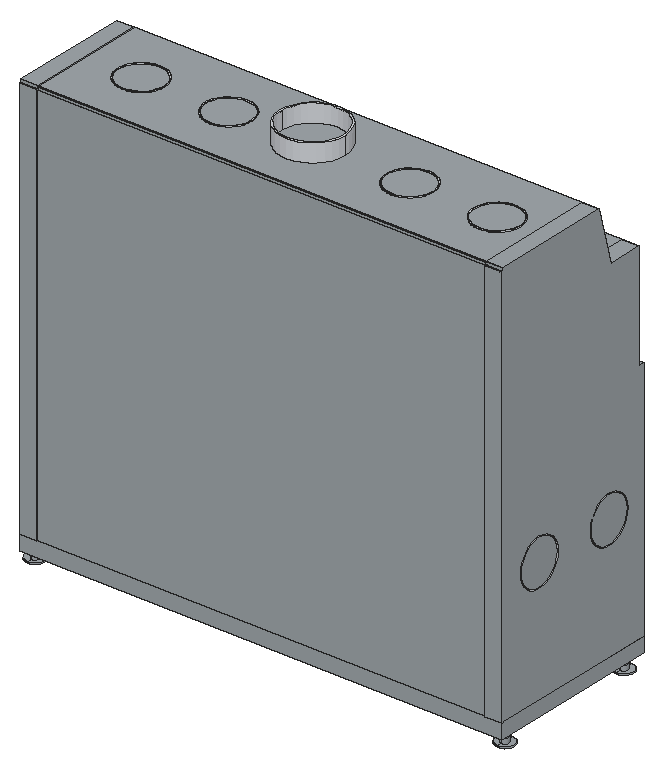
Revit family "METALFIRE_AVENUE_L_MF_1300-75_GHE_1S", category Mechanical Equipment, host Wall, Revit 2018
Family settings
  Host = Wall
  Round Connector Dimension = Use Diameter
  Part Type = Normal
  OmniClass Number = 23.75.00.00
  OmniClass Title = Climate Control (HVAC)
  Always vertical = Yes
  Cut with Voids When Loaded = No
  Shared = No
  Room Calculation Point = No
Parameters (values of type "L-MF_1300-750_GHE_1S")
  WIDTH = 1330 mm
  WEIGHT = 180.00 kg
  URL = "https://www.metalfire.eu"
  TECHNICAL SHEET = "https://www.metalfire.eu/sites/default/files/media-files/AVENUE%20L%20MF%201300-75%20GHE%201S.pdf"
  SMOKE EXHAUST = "Ø130/200 mm"
  PRODUCT SHEET = "https://www.archiproducts.com/it/prodotti/metalfire/caminetto-a-gas-chiuso-avenue-large_508485"
  PRODUCT CODE = "L MF 1300-750 GHE 1S"
  PIPE = 200 mm
  OVERALL WIDTH = 1178 mm
  OVERALL HEIGHT = 1120 mm
  OVERALL DEPTH = 444 mm
  OUTPUT = 11400 W
  Model = "Avenue"
  Manufacturer = "METALFIRE"
  MATERIAL DESCRIPTION = "Iron, galvanized steel"
  HEIGHT = 740 mm
  FRAME MATERIAL = Iron - Metalfire
  FINISHING MATERIAL = Painted steel, cast iron
  ENERGY EFFICIENCY CLASS = "B"
  Description = "The Avenue represents the gas-fired high efficiency closed fireplaces in the Metalfire range."
  BIM USER MANUAL = "https://bimcad.edilportale.com/METALFIRE-BIM-USER-MANUAL-Metalfire-bim.pdf"
  BIM BADGE = "https://bim.archiproducts.com/en/badge/bim-archiproducts-featured_658700/about"
  BIM AUTHOR = "https://bim.archiproducts.com"
Reference planes
  plane 1 "Wall": y = 0
  plane 2 "Center (Left/Right)": x = 0
  plane 3 "Back": y = 300
Forms (mm)
  Extrusion 1, void
    sketch origin (0, 300, 0) x (1, 0, 0) y (0, 0, 1)
      loop
        line (708.5, 111) -> (708.5, 871) -> (-717.5, 871) -> (-717.5, 111) -> (708.5, 111)
    from 0 to 518
Text (mm)
  text "Placement side" at (-1820.995, 1116.779, 0), in view "Ref. Level"
  text "Placement side" at (0, 1334.055, 2976.191), in view "Left"
  text "Placement side" at (0, 439.194, 2944.362), in view "Right"
Dimensions and locks
  locked: plane 3 "Back" to host wall
  aligned and locked: plane 1 "Wall" to host wall
  aligned and locked: nested 1 to plane 2 "Center (Left/Right)"
  aligned and locked: Extrusion 1 to plane 3 "Back"
Nested families
  nested 1: "FIREPLACE" at (0, 230, 0) x (-1, 0, 0) z (0, 0, 1), Body material <- "FRAME MATERIAL", External material <- "FINISHING MATERIAL", type "FIREPLACE"
    with External material Painted steel, cast iron, Clear glass Clear Glass - Metalfire, Body material Iron - Metalfire
Connectors
  piping at (0, -73.083, 1080), diameter 200
    settings: on nested 1, index 1, connector inside diameter 609.6 mm, connector length 0 mm, flow factor 0, pipe flow 0.0 L/s, pressure drop 0.0 Pa, fitting loss kfactor 0, connector angle 0.00°, fixture units 0, engagement length 0 mm, angle of deflection 0.00°, flow configuration 0, flow direction 2, fitting loss method 0, system type 17, joint type 0, gender type 0, connector reference index -1, connector utility 0, adjustable connector no, is connector primary yes, connector description ""
Definition of nested family "FIREPLACE"
  Parameters (values of type "FIREPLACE")
    PIPE = 200 mm
    LENGTH = 1545 mm
    HEIGHT = 1383.8 mm
    External material [instance] = none
    Clear glass [instance] = none
    Body material [instance] = none
  Reference planes
    plane 1 "Center (Front/Back)": y = 0
    plane 2: z = 0
    plane 3 "Center (Left/Right)": x = 0
    plane 4 "SX": x = -772.5
    plane 5 "DX": x = 772.5
    plane 6: z = 1383.8
    plane 7 "FEET-SX": x = -753
    plane 8 "FEET-DX": x = 753
  Forms (mm)
    Revolve 1, solid, material <- "Body material", detail levels fine
      sketch origin (-753, 0, 0) x (0, 0, 1) y (0, -1, 0)
        loop
          line (0, 0) -> (0, -30) -> (3, -30) -> (3, -12) -> (16, -12) -> (16, -8) -> (78, -8) -> (78, 0) -> (0, 0)
        axis (78, 0) -> (0, 0)
      angle from 0 to 360
    Revolve 2, solid, material <- "Body material", detail levels fine
      sketch origin (-753, 0, 0) x (0, 0, 1) y (0, -1, 0)
        loop
          line (0, -478) -> (0, -508) -> (3, -508) -> (3, -490) -> (16, -490) -> (16, -486) -> (78, -486) -> (78, -478) -> (0, -478)
        axis (78, -478) -> (0, -478)
      angle from 0 to 360
    Revolve 3, solid, material <- "Body material", detail levels fine
      sketch origin (753, 0, 0) x (0, 0, 1) y (0, -1, 0)
        loop
          line (0, 0) -> (0, -30) -> (3, -30) -> (3, -12) -> (16, -12) -> (16, -8) -> (78, -8) -> (78, 0) -> (0, 0)
        axis (78, 0) -> (0, 0)
      angle from 0 to 360
    Revolve 4, solid, material <- "Body material", detail levels fine
      sketch origin (753, 0, 0) x (0, 0, 1) y (0, -1, 0)
        loop
          line (0, -478) -> (0, -508) -> (3, -508) -> (3, -490) -> (16, -490) -> (16, -486) -> (78, -486) -> (78, -478) -> (0, -478)
        axis (78, -478) -> (0, -478)
      angle from 0 to 360
    Extrusion 5, solid, material <- "Body material", detail levels fine
      sketch origin (0, 0, 0) x (1, 0, 0) y (0, 0, 1)
        loop
          line (-772.5, 30.8) -> (772.5, 30.8) -> (772.5, 78) -> (-772.5, 78) -> (-772.5, 30.8)
      from 53 to -514
    Extrusion 6, solid, material <- "External material", detail levels medium+fine
      sketch origin (-1538.26, 0, 0) x (1, 0, 0) y (0, 0, 1)
        loop
          line (836.536, 114.8) -> (2230.536, 114.8) -> (2230.536, 864.8) -> (836.536, 864.8) -> (836.536, 114.8)
        loop
          line (826.536, 874.8) -> (826.536, 104.8) -> (2240.536, 104.8) -> (2240.536, 874.8) -> (826.536, 874.8)
      from 0 to -448
    Extrusion 7, solid, material <- "Body material", detail levels fine
      sketch origin (772.5, 0, 0) x (0, -1, 0) y (0, 0, 1)
        loop
          line (-126.133, 1383.8) -> (-512, 1383.8) -> (-512, 1374.5) -> (-512, 1373.5) -> (-513, 1373.5) -> (-514, 1373.5) -> (-514, 78) -> (-513, 78) -> (-511, 78) -> (35, 78) -> (53, 78) -> (53, 863.5) -> (34.1, 863.5) -> (34.1, 1207.5) -> (-78.894, 1207.5) -> (-126.133, 1383.8)
      from 0 to 55
    Extrusion 8, solid, material <- "Clear glass", detail levels medium+fine
      sketch origin (0, 0, 0) x (1, 0, 0) y (0, 0, 1)
        loop
          line (-708.5, 114.8) -> (708.5, 114.8) -> (708.5, 846) -> (-708.5, 846) -> (-708.5, 114.8)
      from 49.043 to 53
    Extrusion 9, solid, material <- "External material", detail levels medium+fine
      sketch origin (0, 0, 0) x (1, 0, 0) y (0, 0, 1)
        loop
          line (-708.5, 121) -> (708.5, 121) -> (708.5, 861) -> (-708.5, 861) -> (-708.5, 121)
      from -448 to -438
    Extrusion 10, solid, material <- "Body material", detail levels fine
      sketch origin (-772.5, 0, 0) x (0, -1, 0) y (0, 0, 1)
        loop
          line (-126.133, 1383.8) -> (-512, 1383.8) -> (-512, 1374.5) -> (-512, 1373.5) -> (-513, 1373.5) -> (-514, 1373.5) -> (-514, 78) -> (-513, 78) -> (-511, 78) -> (35, 78) -> (53, 78) -> (53, 863.5) -> (34.1, 863.5) -> (34.1, 1207.5) -> (-78.894, 1207.5) -> (-126.133, 1383.8)
      from 0 to -55
    Extrusion 11, solid, material <- "Body material", detail levels fine
      sketch origin (-717.5, 0, 0) x (0, 1, 0) y (0, 0, 1)
        loop
          line (126.133, 1383.8) -> (78.894, 1207.5) -> (-34.1, 1207.5) -> (-34.1, 863.5) -> (-53, 863.5) -> (-53, 78) -> (-35, 78) -> (511, 78) -> (513, 78) -> (514, 78) -> (514, 1373.5) -> (513, 1373.5) -> (512, 1373.5) -> (512, 1382.8) -> (512, 1383.8) -> (126.133, 1383.8)
      from 1435 to -55
    Extrusion 12, void
      sketch origin (0, 0, 0) x (1, 0, 0) y (0, 0, 1)
        loop
          line (-713.066, 846) -> (-713.066, 114.8) -> (689.277, 114.8) -> (689.277, 846) -> (-713.066, 846)
      from -438 to 250
    Extrusion 13, solid
      sketch origin (-717.5, 128.357, 1383.8) x (0, 1, 0) y (-1, 0, 0)
        loop
          circle (188.604, -118) r 75
        loop
          circle (188.604, -118) r 73
        loop
          circle (188.604, -398) r 75
        loop
          circle (188.604, -398) r 73
        loop
          circle (188.604, -979.5) r 75
        loop
          circle (188.604, -979.5) r 73
        loop
          circle (188.604, -1259.5) r 75
        loop
          circle (188.604, -1259.5) r 73
      from 0 to 1
    Extrusion 14, solid
      sketch origin (-764.5, 128.357, 1383.8) x (0, 1, 0) y (-1, 0, 0)
        loop
          circle (178.845, -764.5) r 105
        loop
          circle (178.845, -764.5) r 100
      from 0 to 57
    Extrusion 15, solid
      sketch origin (-772.5, 0, 0) x (0, -1, 0) y (0, 0, 1)
        loop
          circle (-366.232, 475.8) r 74.5
        loop
          circle (-86.232, 475.8) r 74.5
        loop
          circle (-366.232, 475.8) r 73.5
        loop
          circle (-86.232, 475.8) r 73.5
      from 0 to 1
  Cuts and joins
    joined: Revolve 1, Revolve 2, Revolve 3, Revolve 4
    joined: Extrusion 6, Extrusion 9
    Extrusion 12 cuts Extrusion 11
  Dimensions and locks
    equal spacing: plane 4 "SX", plane 3 "Center (Left/Right)", plane 5 "DX"
    "LENGTH": plane 4 "SX" to plane 5 "DX"
    "HEIGHT": plane 6 to level
    locked: plane 4 "SX" to plane 7 "FEET-SX" at 19.5
    locked: plane 8 "FEET-DX" to plane 5 "DX" at 19.5
    aligned and locked: level to plane 2
    aligned and locked: Extrusion 11 to Extrusion 7
  Automatic sketch dimensions
    level to Extrusion 5 sketch curve = 78 mm
    Extrusion 5 sketch curve to plane 4 "SX" = 0 mm
    plane 5 "DX" to Extrusion 5 sketch curve = 0 mm
    Extrusion 5 sketch curve to Extrusion 5 sketch curve = 47.2 mm
    Extrusion 7 sketch curve to plane 1 "Center (Front/Back)" = 514 mm
    Extrusion 7 sketch curve to Extrusion 7 sketch curve = 1 mm  (x4)
    Extrusion 7 sketch curve to Extrusion 7 sketch curve = 2 mm
    Extrusion 7 sketch curve to plane 1 "Center (Front/Back)" = 126.133 mm
    Extrusion 7 sketch curve to plane 1 "Center (Front/Back)" = 78.894 mm
    plane 1 "Center (Front/Back)" to Extrusion 7 sketch curve = 34.1 mm
    plane 1 "Center (Front/Back)" to Extrusion 7 sketch curve = 35 mm
    Extrusion 7 sketch curve to Extrusion 7 sketch curve = 18 mm
    level to Extrusion 7 sketch curve = 78 mm
    Extrusion 7 sketch curve to Extrusion 7 sketch curve = 785.5 mm
    Extrusion 7 sketch curve to Extrusion 7 sketch curve = 344 mm
    Extrusion 7 sketch curve to Extrusion 7 sketch curve = 166 mm
    Extrusion 7 sketch curve to Extrusion 7 sketch curve = 9.3 mm
    Extrusion 8 sketch curve to plane 4 "SX" = 64 mm
    plane 5 "DX" to Extrusion 8 sketch curve = 64 mm
    level to Extrusion 8 sketch curve = 114.8 mm
    Extrusion 8 sketch curve to Extrusion 8 sketch curve = 731.2 mm
    Extrusion 9 sketch curve to plane 4 "SX" = 64 mm
    plane 5 "DX" to Extrusion 9 sketch curve = 64 mm
    level to Extrusion 9 sketch curve = 121 mm
    Extrusion 9 sketch curve to Extrusion 9 sketch curve = 740 mm
    Extrusion 10 sketch curve to plane 1 "Center (Front/Back)" = 514 mm
    Extrusion 10 sketch curve to Extrusion 10 sketch curve = 1 mm  (x4)
    Extrusion 10 sketch curve to Extrusion 10 sketch curve = 2 mm
    Extrusion 10 sketch curve to plane 1 "Center (Front/Back)" = 126.133 mm
    Extrusion 10 sketch curve to plane 1 "Center (Front/Back)" = 78.894 mm
    plane 1 "Center (Front/Back)" to Extrusion 10 sketch curve = 34.1 mm
    plane 1 "Center (Front/Back)" to Extrusion 10 sketch curve = 35 mm
    Extrusion 10 sketch curve to Extrusion 10 sketch curve = 18 mm
    level to Extrusion 10 sketch curve = 78 mm
    Extrusion 10 sketch curve to Extrusion 10 sketch curve = 785.5 mm
    Extrusion 10 sketch curve to Extrusion 10 sketch curve = 344 mm
    Extrusion 10 sketch curve to Extrusion 10 sketch curve = 166 mm
    Extrusion 10 sketch curve to Extrusion 10 sketch curve = 9.3 mm
    Extrusion 6 sketch curve to plane 4 "SX" = 60.777 mm
    Extrusion 6 sketch curve to Extrusion 6 sketch curve = 10 mm  (x4)
    plane 5 "DX" to Extrusion 6 sketch curve = 80.223 mm
    level to Extrusion 6 sketch curve = 104.8 mm
    plane 6 to Extrusion 6 sketch curve = 519 mm
    Extrusion 11 sketch curve to Extrusion 10 = 0 mm  (x8)
    Extrusion 10 to Extrusion 11 sketch curve = 0 mm  (x3)
    Extrusion 11 sketch curve to Extrusion 11 sketch curve = 1 mm  (x2)
    Extrusion 10 to Extrusion 11 sketch curve = 1 mm  (x2)
    Extrusion 11 sketch curve to Extrusion 10 = 0.9 mm
    plane 5 "DX" to Extrusion 12 sketch curve = 1485.566 mm
    level to Extrusion 12 sketch curve = 114.8 mm
    Extrusion 12 sketch curve to Extrusion 12 sketch curve = 1402.342 mm
    plane 6 to Extrusion 12 sketch curve = 537.8 mm
    Revolve 1 sketch curve to plane 1 "Center (Front/Back)" = 0 mm  (x2)
    Revolve 1 sketch curve to level = 0 mm
    level to Revolve 1 sketch curve = 3 mm
    Revolve 1 sketch curve to Revolve 1 sketch curve = 13 mm
    Revolve 1 sketch curve to Revolve 1 sketch curve = 62 mm
    Revolve 1 sketch curve to Revolve 1 sketch curve = 8 mm
    Revolve 1 sketch curve to Revolve 1 sketch curve = 4 mm
    Revolve 1 sketch curve to Revolve 1 sketch curve = 18 mm
    Revolve 1 sketch curve to level = 38.099 mm
    Revolve 1 sketch curve to Revolve 1 sketch curve = 58.901 mm
    Revolve 2 sketch curve to level = 0 mm
    level to Revolve 2 sketch curve = 3 mm
    Revolve 2 sketch curve to Revolve 2 sketch curve = 13 mm
    Revolve 2 sketch curve to Revolve 2 sketch curve = 62 mm
    Revolve 2 sketch curve to plane 1 "Center (Front/Back)" = 508 mm
    Revolve 2 sketch curve to Revolve 2 sketch curve = 18 mm
    Revolve 2 sketch curve to Revolve 2 sketch curve = 4 mm
    Revolve 2 sketch curve to Revolve 2 sketch curve = 12 mm
    Revolve 2 sketch curve to Revolve 2 sketch curve = 38.099 mm
    Revolve 2 sketch curve to Revolve 2 sketch curve = 58.901 mm
    Revolve 2 sketch curve to Revolve 2 sketch curve = 0 mm
    Revolve 3 sketch curve to plane 1 "Center (Front/Back)" = 0 mm  (x2)
    Revolve 3 sketch curve to level = 0 mm
    Revolve 3 sketch curve to level = 3 mm
    Revolve 3 sketch curve to Revolve 3 sketch curve = 13 mm
    Revolve 3 sketch curve to Revolve 3 sketch curve = 62 mm
    Revolve 3 sketch curve to Revolve 3 sketch curve = 8 mm
    Revolve 3 sketch curve to Revolve 3 sketch curve = 4 mm
    Revolve 3 sketch curve to Revolve 3 sketch curve = 18 mm
    Revolve 3 sketch curve to Revolve 3 sketch curve = 38.099 mm
    Revolve 3 sketch curve to Revolve 3 sketch curve = 58.901 mm
    Revolve 4 sketch curve to level = 0 mm
    Revolve 4 sketch curve to level = 3 mm
    Revolve 4 sketch curve to Revolve 4 sketch curve = 13 mm
    Revolve 4 sketch curve to Revolve 4 sketch curve = 62 mm
    plane 1 "Center (Front/Back)" to Revolve 4 sketch curve = 508 mm
    Revolve 4 sketch curve to Revolve 4 sketch curve = 18 mm
    Revolve 4 sketch curve to Revolve 4 sketch curve = 4 mm
    Revolve 4 sketch curve to Revolve 4 sketch curve = 12 mm
    Revolve 4 sketch curve to Revolve 4 sketch curve = 38.099 mm
    Revolve 4 sketch curve to Revolve 4 sketch curve = 58.901 mm
    Revolve 4 sketch curve to Revolve 4 sketch curve = 0 mm
    Extrusion 14 sketch curve to Extrusion 14 sketch curve = 0 mm  (x8)
    Extrusion 11 to Extrusion 14 sketch curve = 204.797 mm
    Extrusion 14 sketch curve to Extrusion 14 sketch curve = 5 mm
    Extrusion 11 to Extrusion 14 sketch curve = 717.5 mm
    Extrusion 14 sketch curve to Extrusion 14 sketch curve = 100 mm
    Extrusion 13 sketch curve to Extrusion 13 sketch curve = 0 mm  (x8)
    Extrusion 11 to Extrusion 13 sketch curve = 190.828 mm  (x4)
    Extrusion 11 to Extrusion 13 sketch curve = 175.5 mm
    Extrusion 13 sketch curve to Extrusion 13 sketch curve = 280 mm
    Extrusion 11 to Extrusion 13 sketch curve = 453 mm
    Extrusion 11 to Extrusion 13 sketch curve = 173 mm
    Extrusion 15 sketch curve to Extrusion 11 = 147.768 mm
    Extrusion 15 sketch curve to Extrusion 11 = 427.768 mm
    Extrusion 15 sketch curve to Extrusion 11 = 387.7 mm
    Extrusion 15 sketch curve to Extrusion 15 sketch curve = 0 mm
    radius of Extrusion 13 sketch curve = 75 mm  (x4)
    radius of Extrusion 13 sketch curve = 73 mm  (x4)
    radius of Extrusion 15 sketch curve = 74.5 mm  (x2)
  Connectors
    hvac at (0, 307.203, 1440.8), driven by "PIPE"
      settings: on Extrusion 14, index 1, duct flow 0.0 L/s, flow factor 0, pres drop 0.0 Pa, loss coef 0, conn angle 0.00°, conn width 304.8 mm, conn height 304.8 mm, conn diameter 200 mm, duct sys type 3, conn prof type 0, flow config 0, flow direction 0, loss method 0, conn ref index -1, conn util no, is conn primary yes, conn desc ""
